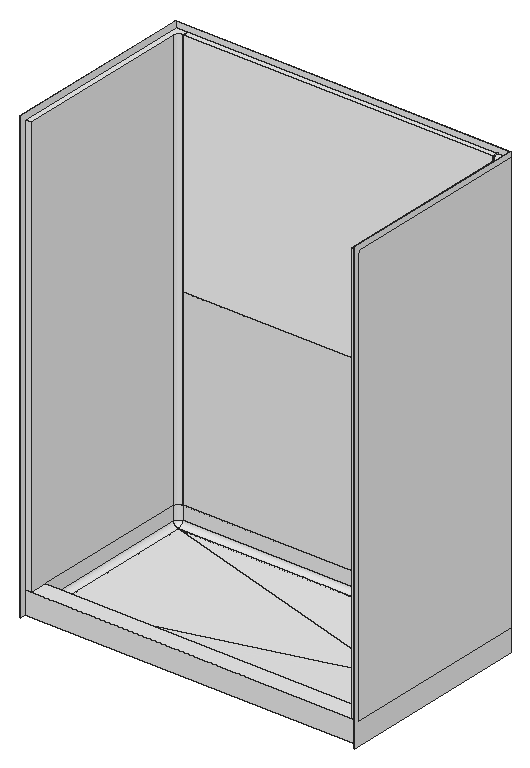
Revit family "5LRS6034FBSQ.V2 L-R", category Plumbing Fixtures, Revit 2019
Family settings
  Round Connector Dimension = Use Diameter
  Part Type = Normal
  OmniClass Number = 23.45.05.14.17
  OmniClass Title = Showers
  Work Plane-Based = No
  Always vertical = Yes
  Cut with Voids When Loaded = No
  Shared = No
  Room Calculation Point = No
Parameters (values of type "5LRS6034SQ.V2 L/R")
  Unit Width = 60"
  Unit Height = 80 1/2"
  Unit Depth = 35"
  URL = "http://www.bestbath.com/"
  Type Comments = "Remodeler"
  Model = "5LRS6034SQ.V2 L/R"
  Material [instance] = Best Bath Gelcoat Fiberglass - Smooth
  Manufacturer = "Best Bath Systems, Inc."
  Keynote = "22 40 00.B3"
  Description = "Real Tile Finish"
  Assembly Code = "D2010710"
Reference planes (in)
  plane 1 "Back": y = -0.5
  plane 2: z = 0
  plane 3 "Left": x = 0
  plane 4: x = 60
  plane 5: z = 4
  plane 6: x = 51.5
  plane 7: y = 33.5
  plane 8: y = 17.5
  plane 9: x = 1.25
  plane 10: x = 58.75
  plane 11: y = 32.25
  plane 12: z = 0.625
  plane 13: z = 0.25
  plane 14: y = -1.5
  plane 15: z = 5
  plane 16: z = 38.25
  plane 17: z = 80.5
Forms (in)
  Extrusion 1, solid, material "Best Bath Gelcoat Fiberglass - Smooth"
    sketch origin (0, 0, 0) x (1, 0, 0) y (0, 1, 0)
      loop
        line (0, -0.5) -> (1.25, -0.5) -> (1.25, 31.25)
        arc (1.25, 31.25) -> (1.54289, 31.95711) -> (2.25, 32.25) r 1
        line (2.25, 32.25) -> (57.75, 32.25)
        arc (57.75, 32.25) -> (58.45711, 31.95711) -> (58.75, 31.25) r 1
        line (58.75, 31.25) -> (58.75, -0.5) -> (60, -0.5) -> (60, 33.5) -> (0, 33.5) -> (0, -0.5)
    from 0 to 4
  Extrusion 2, solid, material "Best Bath Gelcoat Fiberglass - Smooth"
    sketch origin (0, 0, 0) x (1, 0, 0) y (0, 1, 0)
      loop
        line (0, -0.5) -> (60, -0.5) -> (60, 33.5) -> (0, 33.5) -> (0, -0.5)
    from 0 to 0.625
  Sweep 3, solid, material "Best Bath Gelcoat Fiberglass - Smooth"
    path origin (0, 0, 0) x (1, 0, 0) y (0, 1, 0)
      loop
        line (58.75, -0.5) -> (58.75, 31.25)
        arc (58.75, 31.25) -> (58.45711, 31.95711) -> (57.75, 32.25) r 1
        line (57.75, 32.25) -> (2.25, 32.25)
        arc (2.25, 32.25) -> (1.54289, 31.95711) -> (1.25, 31.25) r 1
        line (1.25, 31.25) -> (1.25, -0.5)
    profile origin (1.25, 15.375, 0) x (1, 0, 0) y (0, 0, 1)
      loop
        line (0, 0.625) -> (0.9, 0.625)
        arc (0.9, 0.625) -> (0.2636, 0.8886) -> (0, 1.525) r 0.9
        line (0, 1.525) -> (0, 0.625)
  Blend 4, void
    base sketch origin (0, 0, 0) x (1, 0, 0) y (0, 1, 0)
      loop
        line (2.25, 3.5147) -> (57.75, 3.5147) -> (57.75, 31.25) -> (2.25, 31.25) -> (2.25, 3.5147)
    top sketch origin (0, 0, 0) x (1, 0, 0) y (0, 1, 0)
      loop
        circle (51.5, 17.5) r 0.10467
    from 0.625 to 0.25
  Sweep 5, solid, material "Best Bath Gelcoat Fiberglass - Smooth"
    path origin (0, 0, 0) x (1, 0, 0) y (0, 1, 0)
      loop
        line (1.25, -0.5) -> (58.75, -0.5)
    profile origin (30, -0.5, 0) x (0, 1, 0) y (0, 0, 1)
      loop
        line (0, 4) -> (0, 0) -> (4.11592, 0) -> (3.00305, 4) -> (0, 4)
  Extrusion 6, solid, material "Best Bath Gelcoat Fiberglass - Smooth"
    sketch origin (0, 0, 0) x (1, 0, 0) y (0, 1, 0)
      loop
        line (0, -1.5) -> (0.125, -1.5) -> (0.125, 33.375) -> (59.875, 33.375) -> (59.875, -1.5) -> (60, -1.5) -> (60, 33.5) -> (0, 33.5) -> (0, -1.5)
    from 5 to 80.5
  Extrusion 7, void
    sketch origin (0, 6, 0.625) x (0, 1, 0) y (1, 0, 0)
      loop
        line (15.5, 49) -> (15.5, 54) -> (7.5, 54) -> (7.5, 49) -> (15.5, 49)
    from 0 to 0.5
  Extrusion 8, void
    sketch origin (21.5, -4, 0.625) x (0, 1, 0) y (1, 0, 0)
      loop
        circle (19.5, 30) r 1.75
    from 0 to 1.25
  Extrusion 9, solid
    sketch origin (0.25, 2, 0.125) x (0, 1, 0) y (-1, 0, 0)
      loop
        line (19.5, -48.75) -> (11.5, -48.75) -> (11.5, -53.75) -> (19.5, -53.75) -> (19.5, -48.75)
    from 0 to 0.25
  Extrusion 10, solid, material "Best Bath Gelcoat Fiberglass - Smooth"
    sketch origin (0, -0.86165, 0) x (1, 0, 0) y (0, 1, 0)
      loop
        line (2.25, 34.36165) -> (2.25, 33.11165) -> (57.75, 33.11165) -> (57.75, 34.36165) -> (2.25, 34.36165)
    from 4 to 38.25
  Extrusion 11, solid, material "Best Bath Gelcoat Fiberglass - Smooth"
    sketch origin (0, -0.86165, 0) x (1, 0, 0) y (0, 1, 0)
      loop
        line (2.25, 34.36165) -> (2.25, 33.11165) -> (57.75, 33.11165) -> (57.75, 34.36165) -> (2.25, 34.36165)
    from 38.25 to 79.5
  Extrusion 12, solid, material "Best Bath Gelcoat Fiberglass - Smooth"
    sketch origin (0.25, -0.86165, 0) x (1, 0, 0) y (0, 1, 0)
      loop
        line (-0.25, 0.36165) -> (1, 0.36165) -> (1, 32.11165)
        arc (1, 32.11165) -> (1.29289, 32.81875) -> (2, 33.11165) r 1
        line (2, 33.11165) -> (2, 34.36165) -> (-0.25, 34.36165) -> (-0.25, 0.36165)
      loop
        line (59.75, 0.36165) -> (59.75, 34.36165) -> (57.5, 34.36165) -> (57.5, 33.11165)
        arc (57.5, 33.11165) -> (58.20711, 32.81875) -> (58.5, 32.11165) r 1
        line (58.5, 32.11165) -> (58.5, 0.36165) -> (59.75, 0.36165)
    from 4 to 79.5
  Extrusion 13, solid, material "Best Bath Gelcoat Fiberglass - Smooth"
    sketch origin (0, 0, 0) x (1, 0, 0) y (0, 1, 0)
      loop
        line (0, 33.5) -> (0, -1.5) -> (0.125, -1.5) -> (0.125, 33.375) -> (59.875, 33.375) -> (59.875, -1.5) -> (60, -1.5) -> (60, 33.5) -> (0, 33.5)
    from 0 to 5
Cuts and joins
  Blend 4, Extrusion 7, Extrusion 8 cuts Extrusion 1
  Blend 4, Extrusion 7, Extrusion 8 cuts Extrusion 2
  Blend 4, Extrusion 7, Extrusion 8 cuts Sweep 3
  Extrusion 7, Extrusion 8 cuts Sweep 5
  Extrusion 7, Extrusion 8 cuts Extrusion 6
  joined: Extrusion 1, Extrusion 2, Sweep 3, Sweep 5, Extrusion 6, Extrusion 13
Dimensions and locks (in)
  "Unit Width": plane 3 "Left" to plane 4
  locked: plane 7 to plane 11 at 1.25
  locked: plane 10 to plane 4 at 1.25
  locked: plane 3 "Left" to plane 9 at 1.25
  plane 7 to plane 8 = 16"
  locked: plane 12 to plane 13 at 0.375
  locked: plane 12 to level at 0.625
  locked: plane 14 to plane 1 "Back" at 1
  "Unit Depth": plane 7 to plane 14
  "Unit Height": plane 17 to level
  locked: plane 16 to plane 5 at 34.25
  plane 6 to plane 4 = 8 1/2"
  aligned and locked: level to plane 2
  aligned and locked: Sweep 3 to plane 12
  aligned and locked: Sweep 3 sketch curve to plane 12
  aligned and locked: Extrusion 2 to plane 12
  aligned and locked: plane 8 to Blend 4 sketch curve
  aligned and locked: plane 6 to Blend 4 sketch curve
  aligned and locked: Extrusion 2 to Blend 4
  aligned and locked: Blend 4 to plane 13
  aligned and locked: plane 5 to Extrusion 1
  aligned and locked: plane 5 to Sweep 5
  aligned and locked: Extrusion 9 to cut or joined group 1 (Extrusion 1, Extrusion 2, Sweep 3, Blend 4, Sweep 5, Extrusion 6, Extrusion 7, Extrusion 8, Extrusion 13)  (x3)
  aligned and locked: cut or joined group 1 to Extrusion 9
  aligned and locked: Extrusion 11 to Extrusion 10
  aligned and locked: Extrusion 13 to Extrusion 6
  aligned and locked: plane 17 to Extrusion 6
  aligned and locked: Extrusion 10 to Extrusion 11
  aligned and locked: Extrusion 11 to cut or joined group 1
  aligned and locked: Extrusion 11 to plane 16
Automatic sketch dimensions
  Extrusion 1 sketch curve to plane 3 "Left" = 0"
  Extrusion 1 sketch curve to plane 9 = 0"
  Extrusion 1 sketch curve to plane 11 = 0"
  plane 1 "Back" to Extrusion 1 sketch curve = 0"  (x2)
  Extrusion 1 sketch curve to plane 10 = 0"
  Extrusion 1 sketch curve to plane 4 = 0"
  Extrusion 1 sketch curve to plane 7 = 0"
  plane 9 to Extrusion 1 sketch curve = 1"
  Extrusion 1 sketch curve to plane 10 = 1"
  Extrusion 2 sketch curve to plane 3 "Left" = 0"
  Extrusion 2 sketch curve to plane 4 = 0"
  plane 1 "Back" to Extrusion 2 sketch curve = 0"
  Extrusion 2 sketch curve to plane 7 = 0"
  plane 1 "Back" to Sweep 3 sketch curve = 0"  (x2)
  Sweep 3 sketch curve to plane 9 = 0"
  Sweep 3 sketch curve to plane 11 = 0"
  Sweep 3 sketch curve to plane 10 = 0"
  plane 9 to Sweep 3 sketch curve = 1"
  Sweep 3 sketch curve to Sweep 3 sketch curve = 1"
  profile plane to Sweep 3 sketch curve = 0"
  Sweep 3 sketch curve to profile plane = 0.9"
  plane 9 to Blend 4 sketch curve = 1"
  Blend 4 sketch curve to plane 10 = 1"
  Blend 4 sketch curve to plane 1 "Back" = 4.0147"
  Blend 4 sketch curve to plane 11 = 1"
  plane 1 "Back" to Sweep 5 sketch curve = 0"
  Sweep 5 sketch curve to plane 9 = 0"
  Sweep 5 sketch curve to plane 10 = 0"
  Sweep 5 sketch curve to level = 0"
  Sweep 5 sketch curve to profile plane = 0"
  Sweep 5 sketch curve to Sweep 5 sketch curve = 3.00305"
  Sweep 5 sketch curve to Sweep 5 sketch curve = 4.11592"
  level to Sweep 5 sketch curve = 4"
  Extrusion 6 sketch curve to plane 3 "Left" = 0"
  Extrusion 6 sketch curve to plane 14 = 0"  (x2)
  Extrusion 6 sketch curve to plane 4 = 0"
  Extrusion 6 sketch curve to plane 7 = 0"
  plane 3 "Left" to Extrusion 6 sketch curve = 1/8"
  plane 4 to Extrusion 6 sketch curve = 1/8"
  Extrusion 6 sketch curve to plane 7 = 1/8"
  Extrusion 7 sketch curve to Extrusion 2 = 14"
  Extrusion 7 sketch curve to Extrusion 7 sketch curve = 8"
  Extrusion 7 sketch curve to Extrusion 2 = 6"
  Extrusion 7 sketch curve to Extrusion 7 sketch curve = 5"
  Extrusion 8 sketch curve to Extrusion 2 = 8 1/2"
  Extrusion 8 sketch curve to Extrusion 2 = 18"
  Extrusion 9 sketch curve to Extrusion 7 = 0"  (x4)
  Extrusion 10 sketch curve to plane 11 = 0"
  Extrusion 10 sketch curve to plane 7 = 0"
  plane 9 to Extrusion 10 sketch curve = 1"
  Extrusion 10 sketch curve to plane 10 = 1"
  Extrusion 11 sketch curve to plane 11 = 0"
  Extrusion 11 sketch curve to plane 7 = 0"
  plane 9 to Extrusion 11 sketch curve = 1"
  Extrusion 11 sketch curve to plane 10 = 1"
  Extrusion 12 sketch curve to plane 3 "Left" = 0"
  plane 1 "Back" to Extrusion 12 sketch curve = 0"  (x2)
  Extrusion 12 sketch curve to plane 9 = 0"
  Extrusion 12 sketch curve to plane 11 = 0"  (x2)
  Extrusion 12 sketch curve to plane 7 = 0"  (x2)
  Extrusion 12 sketch curve to plane 10 = 0"
  Extrusion 12 sketch curve to plane 4 = 0"
  Extrusion 12 sketch curve to Extrusion 12 sketch curve = 1"
  Extrusion 12 sketch curve to plane 10 = 1"
  Extrusion 13 sketch curve to plane 3 "Left" = 0"
  Extrusion 13 sketch curve to plane 14 = 0"  (x2)
  Extrusion 13 sketch curve to plane 4 = 0"
  Extrusion 13 sketch curve to plane 7 = 0"
  plane 3 "Left" to Extrusion 13 sketch curve = 1/8"
  plane 4 to Extrusion 13 sketch curve = 1/8"
  Extrusion 13 sketch curve to plane 7 = 1/8"
  radius of Blend 4 sketch curve = 0.10467"
  radius of Extrusion 8 sketch curve = 1 3/4"
